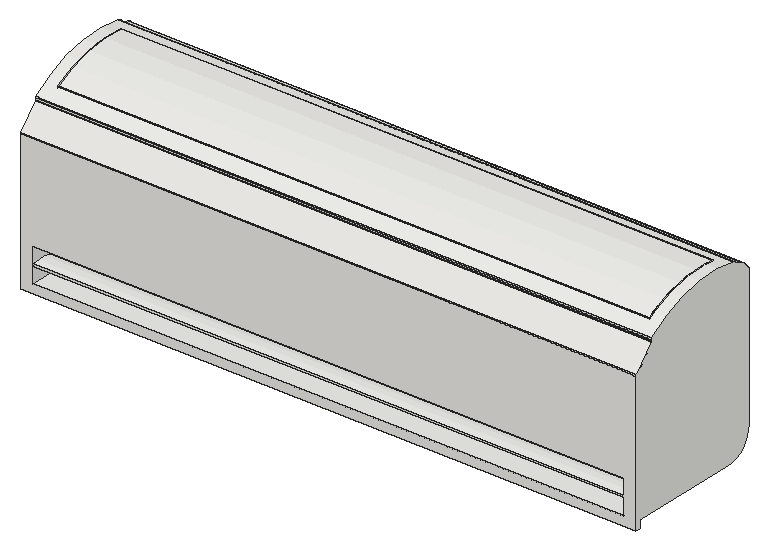
Revit family "ELiS C-W-100-bílá_RFA_2019", category Mechanical Equipment, host Face, Revit 2019
Family settings
  Host = Face
  Round Connector Dimension = Use Diameter
  Part Type = Normal
  Cut with Voids When Loaded = No
  Shared = No
  Room Calculation Point = No
Parameters (values of type "ELiS C-W-100")
  Weight of unit = 19.00 kg
  Water stream flow in the heat exchanger = 0 L/s
  Water pressure drop in the heat exchanger = 0 kPa
  URL = "www.hydronic.cz"
  Type Comments = "vnitřní instalace, neprašné prostředí; IP21; max dosah 3m na 3 rychlost"
  Second Material = FLOWAIR-PerforatedSteel-White
  Product code = "14287; bílá, délka 100cm, teplovodní; PN16; tmax=95°C"
  Power supply voltage = 230 V
  Power ratio = 0.94
  Outlet water temperature (Tw2) = 0 °C
  Outlet air temperature (Tp2) = 0 °C
  Max. current consumption = 0.65 A
  Manufacturer = "Hydronic Systems Prague s.r.o."
  Main Material = FLOWAIR-Steel-White
  Load classification = Motor
  Length = 1000.00 mm  # constant formula
  Inlet water temperature (Tw1) = 0 °C
  Inlet air temperature (Tp1) = 0 °C
  Heating capacity = 0 kW
  Fan = "Single phase motor with diagonal rotor"
  Description = "Dveřní clona"
  Model = "ELiS C-W-100"
  IP = "21"
  Default Elevation = 2200.00 mm
  Connection = 3/4"
  Author = ""
  Apparent power = Power supply voltage * Max. current consumption  # 149.5 VA
  Air flow = 0 m³/h
Reference planes
  plane 1 "Środek (Przód/Tył)": y = 0
  plane 2: z = 0
  plane 3 "Środek (Lewa/Prawa)": x = 0
Dimensions and locks
  aligned and locked: plane 2 to host face
  aligned and locked: level to host face
  aligned and locked: plane 3 "Środek (Lewa/Prawa)" to nested 1
  aligned and locked: plane 1 "Środek (Przód/Tył)" to nested 1
Nested families
  nested 1: "ELiS C-W" at (0, 0, 0), type "ELiS C-W"
Connectors
  piping at (454, 227.682, 166.954), diameter 19.05, driven by "Connection", driven by "Water stream flow in the heat exchanger", driven by "Water pressure drop in the heat exchanger"
    settings: on nested 1, index 7, connector inside diameter 24", connector length 0.00 mm, flow factor 0, pipe flow 0 L/s, pressure drop 0 kPa, fitting loss kfactor 0, connector angle 0.00°, fixture units 0, engagement length 0.00 mm, angle of deflection 0.00°, flow configuration 1, flow direction 2, fitting loss method 4, system type 8, joint type 0, gender type 0, connector reference index -1, connector utility 0, adjustable connector no, is connector primary yes, connector description ""
  piping at (454, 227.682, 242.954), diameter 19.05, driven by "Connection", driven by "Water stream flow in the heat exchanger", driven by "Water pressure drop in the heat exchanger"
    settings: on nested 1, index 8, connector inside diameter 24", connector length 0.00 mm, flow factor 0, pipe flow 0 L/s, pressure drop 0 kPa, fitting loss kfactor 0, connector angle 0.00°, fixture units 0, engagement length 0.00 mm, angle of deflection 0.00°, flow configuration 1, flow direction 1, fitting loss method 4, system type 7, joint type 0, gender type 0, connector reference index -1, connector utility 0, adjustable connector no, is connector primary no, connector description ""
  electrical at (0, 235.182, 54.049), driven by "Power supply voltage", driven by "Apparent power", driven by "Power ratio", driven by "Load classification"
    settings: on nested 1, index 9, voltage 230 V, apparent load 149.5 VA, apparent load phase1 0 VA, apparent load phase2 0 VA, apparent load phase3 0 VA, power factor 0.94, load classification "Motor", number of poles 1, system type 30, power factor state 1, is connector primary yes, connector utility no, sub classification motor no, connector description ""
  electrical at (-59, 235.182, 85.024)
    settings: on nested 1, index 10, voltage 0 V, apparent load 0 VA, apparent load phase1 0 VA, apparent load phase2 0 VA, apparent load phase3 0 VA, power factor 1, load classification "Motor", number of poles 1, system type 13, power factor state 1, is connector primary no, connector utility no, sub classification motor no, connector description "TS regulator"
  electrical at (59, 235.182, 85.024)
    settings: on nested 1, index 11, voltage 0 V, apparent load 0 VA, apparent load phase1 0 VA, apparent load phase2 0 VA, apparent load phase3 0 VA, power factor 1, load classification "Motor", number of poles 1, system type 13, power factor state 1, is connector primary no, connector utility no, sub classification motor no, connector description "Limit switches"
Definition of nested family "ELiS C-W"
  Parameters
    materiał perforacja = none
    materiał = none
    długość = 1000.00 mm
  Reference planes
    plane 1 "Środek (Przód/Tył)": y = 0
    plane 2: z = 0
    plane 3 "Środek (Lewa/Prawa)": x = 0
    plane 4: x = -500
    plane 5: x = 500
    plane 6: x = -480
    plane 7: x = 480
    plane 8: x = 250
    plane 9: x = -250
  Forms (mm)
    Extrusion 1, solid, material <- "materiał", detail levels medium
      sketch origin (0, 300, 0) x (0, 1, 0) y (0, 0, 1)
        loop
          line (-72.756, 283.564) -> (-81.693, 294.358)
          arc (-81.693, 294.358) -> (-82.051, 294.684) -> (-82.482, 294.903) r 1.8
          line (-82.482, 294.903) -> (-98.157, 300.357)
          arc (-98.157, 300.357) -> (-98.505, 300.566) -> (-98.742, 300.895) r 1
          line (-98.742, 300.895) -> (-99.846, 303.375)
          arc (-99.846, 303.375) -> (-100.355, 304.039) -> (-101.109, 304.402) r 1.8
          arc (-101.109, 304.402) -> (-188.803, 303.806) -> (-267.88, 265.892) r 200.8
          arc (-267.88, 265.892) -> (-268.406, 265.22) -> (-268.563, 264.381) r 1.8
          line (-268.563, 264.381) -> (-268.42, 261.651)
          arc (-268.42, 261.651) -> (-268.477, 261.263) -> (-268.678, 260.927) r 1
          line (-268.678, 260.927) -> (-299.538, 226.654)
          arc (-299.538, 226.654) -> (-299.88, 226.094) -> (-300, 225.449) r 1.8
          line (-300, 225.449) -> (-300, 0) -> (-292.2, 0) -> (-292.2, 13.085) -> (-113.282, 13.085)
          arc (-113.282, 13.085) -> (-84.316, 25.083) -> (-72.318, 54.049) r 40.964
          line (-72.318, 54.049) -> (-72.318, 282.336)
          arc (-72.318, 282.336) -> (-72.431, 282.988) -> (-72.756, 283.564) r 1.943
      from -500 to 500
    Extrusion 2, solid, material <- "materiał", detail levels coarse
      sketch origin (0, 0, 0) x (0, 1, 0) y (0, 0, 1)
        loop
          arc (227.682, 295.867) -> (103.817, 301.954) -> (0, 234.12) r 200.8
          line (0, 234.12) -> (0, 0) -> (227.682, 0) -> (227.682, 295.867)
      from -500 to 500
    Extrusion 3, solid, material <- "materiał", detail levels fine
      sketch origin (0, 0, 0) x (0, 1, 0) y (0, 0, 1)
        loop
          line (227.244, 283.564) -> (218.307, 294.358)
          arc (218.307, 294.358) -> (217.949, 294.684) -> (217.518, 294.903) r 1.8
          line (217.518, 294.903) -> (201.843, 300.357)
          arc (201.843, 300.357) -> (201.495, 300.566) -> (201.258, 300.895) r 1
          line (201.258, 300.895) -> (200.154, 303.375)
          arc (200.154, 303.375) -> (199.645, 304.039) -> (198.891, 304.402) r 1.8
          arc (198.891, 304.402) -> (111.197, 303.806) -> (32.12, 265.892) r 200.8
          arc (32.12, 265.892) -> (31.594, 265.22) -> (31.437, 264.381) r 1.8
          line (31.437, 264.381) -> (31.58, 261.651)
          arc (31.58, 261.651) -> (31.523, 261.263) -> (31.322, 260.927) r 1
          line (31.322, 260.927) -> (0.462, 226.654)
          arc (0.462, 226.654) -> (0.12, 226.094) -> (0, 225.449) r 1.8
          line (0, 225.449) -> (0, 0) -> (7.8, 0) -> (7.8, 13.085) -> (186.718, 13.085)
          arc (186.718, 13.085) -> (215.684, 25.083) -> (227.682, 54.049) r 40.964
          line (227.682, 54.049) -> (227.682, 282.336)
          arc (227.682, 282.336) -> (227.569, 282.988) -> (227.244, 283.564) r 1.943
      from -500 to 500
    Extrusion 4, void
      sketch origin (0, 0, 0) x (0, 1, 0) y (0, 0, 1)
        loop
          line (52, 337.939) -> (52, 227.939) -> (180, 227.939) -> (180, 337.939) -> (52, 337.939)
      from -480 to 480
    Extrusion 5, solid, material <- "materiał perforacja", detail levels fine
      sketch origin (0, 0, 0) x (0, 1, 0) y (0, 0, 1)
        loop
          arc (180, 307.56) -> (113.664, 304.359) -> (52, 279.696) r 200.8
          line (52, 279.696) -> (52, 277.35)
          arc (52, 277.35) -> (113.61, 302.3) -> (180, 305.546) r 198.8
          line (180, 305.546) -> (180, 307.56)
      from -480 to 480
    Extrusion 6, void
      sketch origin (0, 0, 0) x (0, 1, 0) y (0, 0, 1)
        loop
          line (0, 15.085) -> (50, 15.085) -> (50, 70.085) -> (0, 70.085) -> (0, 43.585)
          arc (0, 43.585) -> (17.5, 45.585) -> (35, 43.585) r 77.563
          line (35, 43.585) -> (35, 41.585)
          arc (35, 41.585) -> (17.5, 39.585) -> (0, 41.585) r 77.563
          line (0, 41.585) -> (0, 15.085)
      from -480 to 480
    Extrusion 7, solid, material <- "materiał"
      sketch origin (0, 0, 0) x (0, 1, 0) y (0, 0, 1)
        loop
          line (10, 0) -> (172, 0) -> (172, 13.085) -> (10, 13.085) -> (10, 0)
      from -250 to 250
    Extrusion 8, solid, material <- "materiał"
      sketch origin (0, 0, 0) x (0, 1, 0) y (0, 0, 1)
        loop
          line (227.682, 54.049) -> (242.682, 54.049) -> (242.682, 116) -> (227.682, 116) -> (227.682, 54.049)
      from -59 to 59
    Extrusion 9, solid, material <- "materiał"
      sketch origin (0, 0, 0) x (1, 0, 0) y (0, 0, 1)
        loop
          circle (454, 242.954) r 17
        loop
          circle (454, 166.954) r 17
      from -227.682 to -225
  Cuts and joins
    Extrusion 4, Extrusion 6 cuts Extrusion 3
  Dimensions and locks
    equal spacing: plane 4, plane 3 "Środek (Lewa/Prawa)", plane 5
    "długość": plane 4 to plane 5
    locked: plane 4 to plane 6 at 20
    locked: plane 7 to plane 5 at 20
    equal spacing: plane 4, plane 9, plane 3 "Środek (Lewa/Prawa)"
    equal spacing: plane 3 "Środek (Lewa/Prawa)", plane 8, plane 5
    locked: Extrusion 9 sketch curve to plane 5 at 46  (x2)
    aligned and locked: level to plane 2
    aligned and locked: Extrusion 2 to plane 4
    aligned and locked: Extrusion 1 to plane 4
    aligned and locked: Extrusion 2 to plane 5
    aligned and locked: Extrusion 1 to plane 5
    aligned and locked: Extrusion 3 to plane 4
    aligned and locked: Extrusion 3 to plane 5
    aligned and locked: Extrusion 4 to plane 6
    aligned and locked: Extrusion 4 to plane 7
    aligned and locked: Extrusion 5 to plane 6
    aligned and locked: Extrusion 5 to plane 7
    aligned and locked: Extrusion 6 to plane 7
    aligned and locked: Extrusion 6 to plane 6
    aligned and locked: plane 8 to Extrusion 7
    aligned and locked: plane 9 to Extrusion 7
  Automatic sketch dimensions
    Extrusion 1 sketch curve to level = 0.00 mm
    Extrusion 1 sketch curve to plane 1 "Środek (Przód/Tył)" = 0.00 mm
    Extrusion 1 sketch curve to Extrusion 1 sketch curve = 1.80 mm
    Extrusion 1 sketch curve to plane 1 "Środek (Przód/Tył)" = 7.80 mm
    Extrusion 1 sketch curve to plane 1 "Środek (Przód/Tył)" = 30.581 mm
    Extrusion 1 sketch curve to Extrusion 1 sketch curve = 0.742 mm
    Extrusion 1 sketch curve to Extrusion 1 sketch curve = 0.856 mm
    Extrusion 1 sketch curve to Extrusion 1 sketch curve = 1.797 mm
    Extrusion 1 sketch curve to plane 1 "Środek (Przód/Tył)" = 156.375 mm
    Extrusion 1 sketch curve to Extrusion 1 sketch curve = 30.343 mm
    Extrusion 1 sketch curve to Extrusion 1 sketch curve = 165.276 mm
    Extrusion 1 sketch curve to Extrusion 1 sketch curve = 3.662 mm
    Extrusion 1 sketch curve to Extrusion 1 sketch curve = 14.754 mm
    Extrusion 1 sketch curve to Extrusion 1 sketch curve = 1.38 mm
    Extrusion 1 sketch curve to Extrusion 1 sketch curve = 8.812 mm
    Extrusion 1 sketch curve to Extrusion 1 sketch curve = 1.505 mm
    Extrusion 1 sketch curve to Extrusion 1 sketch curve = 40.964 mm
    Extrusion 1 sketch curve to Extrusion 1 sketch curve = 13.085 mm
    Extrusion 1 sketch curve to Extrusion 1 sketch curve = 54.106 mm
    Extrusion 1 sketch curve to Extrusion 1 sketch curve = 117.295 mm
    Extrusion 1 sketch curve to Extrusion 1 sketch curve = 35.478 mm
    Extrusion 1 sketch curve to Extrusion 1 sketch curve = 0.671 mm
    Extrusion 1 sketch curve to Extrusion 1 sketch curve = 2.783 mm
    Extrusion 1 sketch curve to Extrusion 1 sketch curve = 0.097 mm
    Extrusion 1 sketch curve to Extrusion 1 sketch curve = 174.181 mm
    Extrusion 1 sketch curve to Extrusion 1 sketch curve = 10.867 mm
    Extrusion 1 sketch curve to Extrusion 1 sketch curve = 1.155 mm
    Extrusion 1 sketch curve to Extrusion 1 sketch curve = 8.099 mm
    Extrusion 1 sketch curve to Extrusion 1 sketch curve = 1.341 mm
    Extrusion 1 sketch curve to plane 1 "Środek (Przód/Tył)" = 0.462 mm
    Extrusion 1 sketch curve to Extrusion 1 sketch curve = 0.00 mm  (x14)
    Extrusion 1 sketch curve to Extrusion 1 sketch curve = 0.257 mm
    Extrusion 1 sketch curve to Extrusion 1 sketch curve = 1.263 mm
    Extrusion 1 sketch curve to Extrusion 1 sketch curve = 0.914 mm
    Extrusion 1 sketch curve to Extrusion 1 sketch curve = 0.585 mm
    Extrusion 1 sketch curve to Extrusion 1 sketch curve = 0.789 mm
    Extrusion 1 sketch curve to Extrusion 1 sketch curve = 0.944 mm
    Extrusion 2 sketch curve to level = 0.00 mm
    Extrusion 2 sketch curve to Extrusion 2 sketch curve = 71.306 mm
    Extrusion 2 sketch curve to Extrusion 2 sketch curve = 108.154 mm
    Extrusion 2 sketch curve to plane 1 "Środek (Przód/Tył)" = 0.00 mm
    Extrusion 2 sketch curve to Extrusion 2 sketch curve = 125.966 mm
    Extrusion 2 sketch curve to plane 1 "Środek (Przód/Tył)" = 156.375 mm
    plane 1 "Środek (Przód/Tył)" to Extrusion 3 sketch curve = 0.00 mm
    Extrusion 3 sketch curve to Extrusion 3 sketch curve = 1.80 mm
    Extrusion 3 sketch curve to Extrusion 3 sketch curve = 7.80 mm
    Extrusion 3 sketch curve to Extrusion 3 sketch curve = 28.781 mm
    Extrusion 3 sketch curve to Extrusion 3 sketch curve = 0.742 mm
    Extrusion 3 sketch curve to Extrusion 3 sketch curve = 0.856 mm
    Extrusion 3 sketch curve to Extrusion 3 sketch curve = 1.797 mm
    Extrusion 3 sketch curve to Extrusion 3 sketch curve = 148.575 mm
    Extrusion 3 sketch curve to Extrusion 3 sketch curve = 30.343 mm
    Extrusion 3 sketch curve to Extrusion 3 sketch curve = 165.276 mm
    Extrusion 3 sketch curve to Extrusion 3 sketch curve = 3.662 mm
    Extrusion 3 sketch curve to Extrusion 3 sketch curve = 14.754 mm
    Extrusion 3 sketch curve to Extrusion 3 sketch curve = 1.38 mm
    Extrusion 3 sketch curve to Extrusion 3 sketch curve = 8.812 mm
    Extrusion 3 sketch curve to Extrusion 3 sketch curve = 1.505 mm
    Extrusion 3 sketch curve to Extrusion 3 sketch curve = 40.964 mm
    level to Extrusion 3 sketch curve = 0.00 mm
    Extrusion 3 sketch curve to Extrusion 3 sketch curve = 13.085 mm
    Extrusion 3 sketch curve to Extrusion 3 sketch curve = 54.106 mm
    Extrusion 3 sketch curve to Extrusion 3 sketch curve = 117.295 mm
    Extrusion 3 sketch curve to Extrusion 3 sketch curve = 35.478 mm
    Extrusion 3 sketch curve to Extrusion 3 sketch curve = 0.671 mm
    Extrusion 3 sketch curve to Extrusion 3 sketch curve = 2.783 mm
    Extrusion 3 sketch curve to Extrusion 3 sketch curve = 0.097 mm
    Extrusion 3 sketch curve to Extrusion 3 sketch curve = 174.181 mm
    Extrusion 3 sketch curve to Extrusion 3 sketch curve = 10.867 mm
    Extrusion 3 sketch curve to Extrusion 3 sketch curve = 1.155 mm
    Extrusion 3 sketch curve to Extrusion 3 sketch curve = 8.099 mm
    Extrusion 3 sketch curve to Extrusion 3 sketch curve = 1.341 mm
    Extrusion 3 sketch curve to Extrusion 3 sketch curve = 0.462 mm
    Extrusion 3 sketch curve to Extrusion 3 sketch curve = 0.00 mm  (x14)
    Extrusion 3 sketch curve to Extrusion 3 sketch curve = 0.257 mm
    Extrusion 3 sketch curve to Extrusion 3 sketch curve = 1.263 mm
    Extrusion 3 sketch curve to Extrusion 3 sketch curve = 0.914 mm
    Extrusion 3 sketch curve to Extrusion 3 sketch curve = 0.585 mm
    Extrusion 3 sketch curve to Extrusion 3 sketch curve = 0.789 mm
    Extrusion 3 sketch curve to Extrusion 3 sketch curve = 0.944 mm
    Extrusion 4 sketch curve to Extrusion 4 sketch curve = 128.00 mm
    level to Extrusion 4 sketch curve = 227.939 mm
    Extrusion 4 sketch curve to Extrusion 4 sketch curve = 110.00 mm
    Extrusion 4 sketch curve to plane 1 "Środek (Przód/Tył)" = 52.00 mm
    Extrusion 5 sketch curve to plane 1 "Środek (Przód/Tył)" = 156.375 mm
    level to Extrusion 5 sketch curve = 108.154 mm
    Extrusion 5 sketch curve to plane 1 "Środek (Przód/Tył)" = 52.00 mm
    Extrusion 5 sketch curve to Extrusion 5 sketch curve = 23.625 mm
    Extrusion 5 sketch curve to Extrusion 5 sketch curve = 25.85 mm
    Extrusion 5 sketch curve to Extrusion 5 sketch curve = 2.346 mm
    Extrusion 5 sketch curve to Extrusion 5 sketch curve = 0.00 mm  (x2)
    Extrusion 7 sketch curve to level = 0.00 mm
    Extrusion 7 sketch curve to plane 1 "Środek (Przód/Tył)" = 10.00 mm
    Extrusion 7 sketch curve to Extrusion 7 sketch curve = 162.00 mm
    level to Extrusion 7 sketch curve = 13.085 mm
    Extrusion 8 sketch curve to plane 1 "Środek (Przód/Tył)" = 227.682 mm
    level to Extrusion 8 sketch curve = 116.00 mm
    level to Extrusion 8 sketch curve = 54.049 mm
    Extrusion 8 sketch curve to Extrusion 8 sketch curve = 15.00 mm
    level to Extrusion 9 sketch curve = 166.954 mm
    Extrusion 9 sketch curve to Extrusion 9 sketch curve = 76.00 mm
    Extrusion 6 sketch curve to plane 1 "Środek (Przód/Tył)" = 0.00 mm  (x2)
    Extrusion 6 sketch curve to plane 1 "Środek (Przód/Tył)" = 17.50 mm  (x2)
    Extrusion 6 sketch curve to Extrusion 6 sketch curve = 35.00 mm
    Extrusion 6 sketch curve to Extrusion 6 sketch curve = 15.00 mm
    Extrusion 6 sketch curve to level = 31.977 mm
    level to Extrusion 6 sketch curve = 15.085 mm
    Extrusion 6 sketch curve to Extrusion 6 sketch curve = 26.50 mm  (x2)
    Extrusion 6 sketch curve to Extrusion 6 sketch curve = 2.00 mm
    Extrusion 6 sketch curve to Extrusion 6 sketch curve = 47.063 mm
    radius of Extrusion 9 sketch curve = 17.00 mm  (x2)
